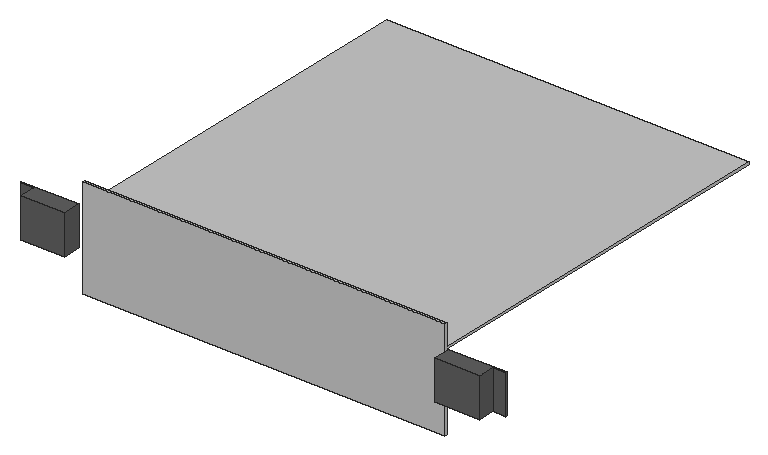
Revit family "HL", category Specialty Equipment, host Floor, Revit 2015
Parameters (values of type "87 Barrier Lip")
  URL = "http://sercoentrematic.com/"
  Model = "HL"
  Manufacturer = "Serco Entrematic"
  Description = "Hydraulic Leveler"
  LipExtension = 0' - 5"
  PitWidth = 7' - 1"
  PitLength = 7' - 3"
  PitDepthR = PitDepth - 0' 0 1/2"  # 1' - 7 1/2"
  PitDepth = 1' - 8"
  LipLength = 1' - 6"
  Curb = 0' - 3"
  Capacity = "30-50k"
Types (24): name | LipExtension | PitWidth | PitLength | PitDepthR | PitDepth
  6 | 0' - 0" | 6' - 1" | 5' - 3" | 1' - 7 1/2" | 1' - 8"
  86 | 0' - 0" | 6' - 1" | 7' - 3" | 1' - 7 1/2" | 1' - 8"
  66.5 | 0' - 0" | 6' - 7" | 5' - 3" | 1' - 7 1/2" | 1' - 8"
  86.5 | 0' - 0" | 6' - 7" | 7' - 3" | 1' - 7 1/2" | 1' - 8"
  67 | 0' - 0" | 7' - 1" | 5' - 3" | 1' - 7 1/2" | 1' - 8"
  87 | 0' - 0" | 7' - 1" | 7' - 3" | 1' - 7 1/2" | 1' - 8"
  106 | 0' - 0" | 6' - 1" | 9' - 3" | 1' - 11 1/2" | 2' - 0"
  106.5 | 0' - 0" | 6' - 7" | 9' - 3" | 1' - 11 1/2" | 2' - 0"
  107 | 0' - 0" | 7' - 1" | 9' - 3" | 1' - 11 1/2" | 2' - 0"
  106 Barrier Lip | 0' - 5" | 6' - 1" | 9' - 3" | 1' - 11 1/2" | 2' - 0"
  106.5 Barrier Lip | 0' - 5" | 6' - 7" | 9' - 3" | 1' - 11 1/2" | 2' - 0"
  107 Barrier Lip | 0' - 5" | 7' - 1" | 9' - 3" | 1' - 11 1/2" | 2' - 0"
  6 Barrier Lip | 0' - 5" | 6' - 1" | 5' - 3" | 1' - 7 1/2" | 1' - 8"
  66.5 Barrier Lip | 0' - 5" | 6' - 7" | 5' - 3" | 1' - 7 1/2" | 1' - 8"
  67 Barrier Lip | 0' - 5" | 7' - 1" | 5' - 3" | 1' - 7 1/2" | 1' - 8"
  86 Barrier Lip | 0' - 5" | 6' - 1" | 7' - 3" | 1' - 7 1/2" | 1' - 8"
  86.5 Barrier Lip | 0' - 5" | 6' - 7" | 7' - 3" | 1' - 7 1/2" | 1' - 8"
  87 Barrier Lip | 0' - 5" | 7' - 1" | 7' - 3" | 1' - 7 1/2" | 1' - 8"
  126 | 0' - 0" | 6' - 1" | 11' - 3" | 1' - 11 1/2" | 2' - 0"
  126 Barrier Lip | 0' - 5" | 6' - 1" | 11' - 3" | 1' - 11 1/2" | 2' - 0"
  126.5 | 0' - 0" | 6' - 7" | 11' - 3" | 1' - 11 1/2" | 2' - 0"
  126.5 Barrier Lip | 0' - 5" | 6' - 7" | 11' - 3" | 1' - 11 1/2" | 2' - 0"
  127 | 0' - 0" | 7' - 1" | 11' - 3" | 1' - 11 1/2" | 2' - 0"
  127 Barrier Lip | 0' - 5" | 7' - 1" | 11' - 3" | 1' - 11 1/2" | 2' - 0"
Reference planes (in)
  plane 1 "Center (Front/Back)": y = 0
  plane 2: z = 0
  plane 3 "Center (Left/Right)": x = 0
  plane 4 "Lip Width": y = -59.5
  plane 5 "pit right": x = 42.5
  plane 6 "Pit left": x = -42.5
  plane 7 "pit rear": y = 27
  plane 8 "curb angle left": x = -45.5
  plane 9: x = -41.5
  plane 10 "curb angle right": x = 45.5
  plane 11: x = 41.5
  plane 12 "curb angle rear": y = 30
  plane 13 "Curb angle - Front": y = -57
  plane 14 "Edge of Dock": y = -60
  plane 15: z = -0.5
  plane 16: z = -19.5
  plane 17: z = -20
  plane 18: y = 15
  plane 19: y = -48
  plane 20 "Lip Length": z = -18
  plane 21: x = 63.5
  plane 22: x = -63.5
  plane 23: z = -3
  plane 24: z = -23
  plane 25: z = 0
  plane 26: z = 5
  plane 27: z = -12
  plane 28: x = 14
  plane 29: y = -60.25
  plane 30: y = -64
  plane 31: x = -52.625
  plane 32: x = -55.625
  plane 33: x = 52.625
  plane 34: x = 55.625
  plane 35: z = -9
Forms (in)
  Extrusion 1, void
    sketch origin (0, 0, 0) x (0, 1, 0) y (0, 0, 1)
      loop
        line (27, 0) -> (-60, 0) -> (-60, -20) -> (-48, -20) -> (15, -19.5) -> (27, -19.5) -> (27, 0)
    from -42.5 to 42.5
  Extrusion 2, solid, material "Serco Diamond"
    sketch origin (0, 0, 0) x (1, 0, 0) y (0, 1, 0)
      loop
        line (-41.5, 27) -> (-41.5, -60) -> (41.5, -60) -> (41.5, 27) -> (-41.5, 27)
    from -0.5 to 0
  Extrusion 3, solid, material "Serco Diamond"
    sketch origin (0, 0, 0) x (1, 0, 0) y (0, 0, 1)
      loop
        line (-41.5, 5) -> (-41.5, -18) -> (41.5, -18) -> (41.5, 5) -> (-41.5, 5)
    from 59.5 to 60
  Extrusion 4, solid, material "BUMPER"
    sketch origin (0, 0, 0) x (-1, 0, 0) y (0, -1, 0)
      loop
        line (42.5, 60) -> (55.625, 60) -> (55.625, 60.25) -> (52.625, 60.25) -> (52.625, 64) -> (42.5, 64) -> (42.5, 60)
      loop
        line (-42.5, 60) -> (-42.5, 64) -> (-52.625, 64) -> (-52.625, 60.25) -> (-55.625, 60.25) -> (-55.625, 60) -> (-42.5, 60)
    from -9 to 0
Cuts and joins
  joined: Extrusion 2, Extrusion 3
Lines and regions (in)
  model lines
    curve 1: line (-45.5, 30, 0) -> (45.5, 30, 0)
    curve 2: line (45.5, 30, 0) -> (45.5, 27, 0)
    curve 3: line (45.5, 27, 0) -> (-45.5, 27, 0)
    curve 4: line (-45.5, 27, 0) -> (-45.5, 30, 0)
    curve 5: line (-45.5, 27, 0) -> (-45.5, -57, 0)
    curve 6: line (-42.5, -57, 0) -> (-42.5, 27, 0)
    curve 7: line (-42.5, -57, 0) -> (-63.5, -57, 0)
    curve 8: line (-63.5, -57, 0) -> (-63.5, -60, 0)
    curve 9: line (-63.5, -60, 0) -> (-42.5, -60, 0)
    curve 10: line (45.5, 27, 0) -> (45.5, -57, 0)
    curve 11: line (42.5, -57, 0) -> (42.5, 27, 0)
    curve 12: line (42.5, -60, 0) -> (63.5, -60, 0)
    curve 13: line (63.5, -60, 0) -> (63.5, -57, 0)
    curve 14: line (63.5, -57, 0) -> (42.5, -57, 0)
    curve 15: line (-63.5, -60, 0) -> (-63.5, -60, -3)
    curve 16: line (-63.5, -60, -3) -> (-42.5, -60, -3)
    curve 17: line (-42.5, -60, -3) -> (-42.5, -60, 0)
    curve 18: line (-45.5, -60, -3) -> (-45.5, -60, -23)
    curve 19: line (-45.5, -60, -20) -> (-42.5, -60, -20)
    curve 20: line (-45.5, -60, -23) -> (45.5, -60, -23)
    curve 21: line (45.5, -60, -23) -> (45.5, -60, -3)
    curve 22: line (42.5, -60, -20) -> (45.5, -60, -20)
    curve 23: line (42.5, -60, -20) -> (42.5, -60, 0)
    curve 24: line (42.5, -60, -3) -> (63.5, -60, -3)
    curve 25: line (63.5, -60, -3) -> (63.5, -60, 0)
    curve 26: line (-42.5, -60, -3) -> (-42.5, -60, -20)
    curve 27: line (-42.5, -60, -20) -> (42.5, -60, -20)
    curve 28: line (-42.5, -57, 0) -> (-42.5, -60, 0)
    curve 29: line (42.5, -57, 0) -> (42.5, -60, 0)
Dimensions and locks (in)
  equal spacing: host sketch curve, plane 1 "Center (Front/Back)", host sketch curve
  equal spacing: host sketch curve, plane 3 "Center (Left/Right)", host sketch curve
  host sketch curve to host sketch curve = 10' - 0"  (x2)
  equal spacing: plane 6 "Pit left", plane 3 "Center (Left/Right)", plane 5 "pit right"
  "PitWidth": plane 6 "Pit left" to plane 5 "pit right"
  "PitLength": plane 14 "Edge of Dock" to plane 7 "pit rear"
  "Curb": plane 8 "curb angle left" to plane 6 "Pit left"
  locked: plane 6 "Pit left" to plane 9 at 1
  locked: plane 11 to plane 5 "pit right" at 1
  "Curb": plane 5 "pit right" to plane 10 "curb angle right"
  "Curb": plane 7 "pit rear" to plane 12 "curb angle rear"
  "Curb": plane 14 "Edge of Dock" to plane 13 "Curb angle - Front"
  "PitDepthR": level to plane 16
  "PitDepth": level to plane 17
  locked: plane 7 "pit rear" to plane 18 at 12
  locked: plane 19 to plane 14 "Edge of Dock" at 12
  "LipLength": level to plane 20 "Lip Length"
  locked: plane 22 to plane 6 "Pit left" at 21
  locked: plane 5 "pit right" to plane 21 at 21
  "LipExtension": plane 26 to level
  locked: plane 24 to plane 17 at 3
  locked: level to plane 15 at 0.5
  locked: plane 14 "Edge of Dock" to plane 4 "Lip Width" at 0.5
  locked: plane 3 "Center (Left/Right)" to plane 28 at 14
  locked: level to plane 27 at 12
  locked: connector elem to plane 7 "pit rear" at 9
  locked: plane 16 to connector elem at 5
  locked: plane 32 to plane 6 "Pit left" at 13.125
  locked: plane 31 to plane 6 "Pit left" at 10.125
  locked: plane 29 to curve 9 at 0.25
  locked: plane 30 to curve 9 at 4
  locked: plane 5 "pit right" to plane 34 at 13.125
  locked: plane 5 "pit right" to plane 33 at 10.125
  locked: curve 9 to plane 35 at 9
  aligned and locked: level to plane 2
  aligned and locked: plane 14 "Edge of Dock" to host floor
  aligned and locked: plane 19 to Extrusion 1 sketch curve
  aligned and locked: plane 16 to Extrusion 1 sketch curve
  aligned and locked: Extrusion 1 sketch curve to plane 18
  aligned and locked: plane 17 to Extrusion 1 sketch curve
  aligned and locked: Extrusion 1 sketch curve to plane 14 "Edge of Dock"
  aligned and locked: Extrusion 1 to plane 6 "Pit left"
  aligned and locked: Extrusion 1 to plane 5 "pit right"
  aligned and locked: plane 7 "pit rear" to Extrusion 2 sketch curve
  aligned and locked: Extrusion 2 sketch curve to plane 9
  aligned and locked: Extrusion 2 sketch curve to plane 14 "Edge of Dock"
  aligned and locked: Extrusion 2 to plane 15
  aligned and locked: level to Extrusion 2
  aligned and locked: Extrusion 3 sketch curve to Extrusion 2
  aligned and locked: plane 20 "Lip Length" to Extrusion 3 sketch curve
  aligned and locked: Extrusion 3 sketch curve to plane 11
  aligned and locked: Extrusion 3 to plane 14 "Edge of Dock"
  aligned and locked: Extrusion 3 to plane 4 "Lip Width"
  aligned and locked: Extrusion 2 sketch curve to plane 11
  aligned and locked: curve 7 to plane 13 "Curb angle - Front"
  aligned and locked: curve 8 to plane 22
  aligned and locked: curve 5 to plane 8 "curb angle left"
  aligned and locked: plane 6 "Pit left" to curve 6
  aligned and locked: curve 3 to plane 7 "pit rear"
  aligned and locked: plane 12 "curb angle rear" to curve 1
  aligned and locked: curve 2 to plane 10 "curb angle right"
  aligned and locked: plane 5 "pit right" to curve 11
  aligned and locked: curve 10 to plane 10 "curb angle right"
  aligned and locked: curve 14 to plane 13 "Curb angle - Front"
  aligned and locked: plane 14 "Edge of Dock" to curve 12
  aligned and locked: curve 13 to plane 21
  aligned and locked: plane 24 to curve 18
  aligned and locked: curve 16 to plane 23
  aligned and locked: curve 15 to plane 22
  aligned and locked: plane 6 "Pit left" to curve 17
  aligned and locked: curve 22 to plane 5 "pit right"
  aligned and locked: curve 21 to plane 10 "curb angle right"
  aligned and locked: curve 22 to plane 17
  aligned and locked: curve 25 to plane 21
  aligned and locked: curve 19 to curve 27
  aligned and locked: curve 9 to plane 14 "Edge of Dock"
  aligned and locked: plane 26 to Extrusion 3 sketch curve
  aligned and locked: plane 23 to curve 24
  aligned and locked: plane 24 to curve 20
  aligned and locked: cut or joined group of Extrusion 2, Extrusion 3 to plane 7 "pit rear"  (x2)
  aligned and locked: Extrusion 4 sketch curve to plane 30  (x2)
  aligned and locked: plane 29 to Extrusion 4 sketch curve
  aligned and locked: Extrusion 4 sketch curve to curve 9
  aligned and locked: Extrusion 4 sketch curve to plane 31
  aligned and locked: Extrusion 4 sketch curve to plane 32
  aligned and locked: Extrusion 4 sketch curve to plane 6 "Pit left"
  aligned and locked: Extrusion 4 sketch curve to plane 29
  aligned and locked: Extrusion 4 sketch curve to curve 12
  aligned and locked: Extrusion 4 sketch curve to plane 5 "pit right"
  aligned and locked: plane 33 to Extrusion 4 sketch curve
  aligned and locked: Extrusion 4 sketch curve to plane 34
  aligned and locked: plane 35 to Extrusion 4
  aligned and locked: level to Extrusion 4
Automatic sketch dimensions
  Extrusion 1 sketch curve to level = 0' - 0"
  Extrusion 1 sketch curve to plane 7 "pit rear" = 0' - 0"
  curve 25 to level = 0' - 0"
  curve 18 to plane 23 = 0' - 0"
  curve 23 to level = 0' - 0"
  curve 17 to level = 0' - 0"
  curve 15 to level = 0' - 0"
  curve 27 to plane 17 = 0' - 0"
  plane 8 "curb angle left" to curve 20 = 0' - 0"
  plane 21 to curve 25 = 0' - 0"
Connectors (in)
  electrical at (42.5, 18, -14.5)
    settings: on plane 5 "pit right", index 1, voltage 120 V, apparent load 0 VA, apparent load phase1 0 VA, apparent load phase2 0 VA, apparent load phase3 0 VA, power factor 1, load classification "Other", number of poles 1, system type 31, power factor state 1, is connector primary yes, connector utility no, sub classification motor no, connector description ""
